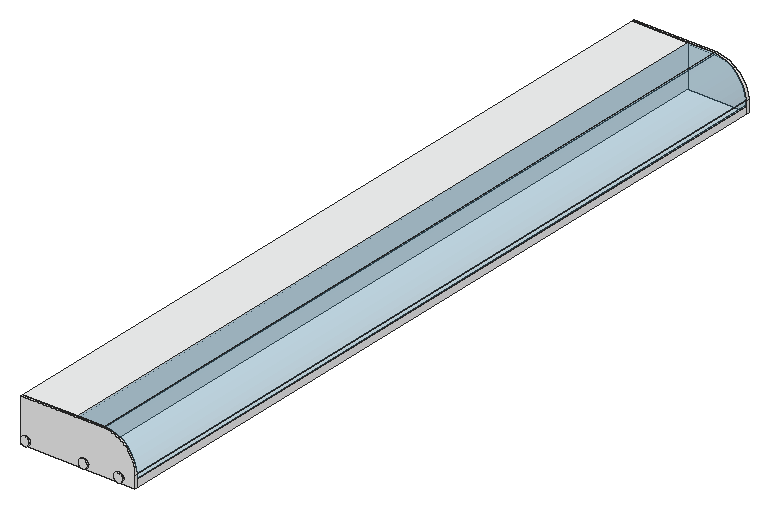
Revit family "ALS900T-4RF", category Lighting Fixtures, Revit 2017
Family settings
  Round Connector Dimension = Use Diameter
  Part Type = Normal
  OmniClass Number = 23.80.70.00
  OmniClass Title = Lighting
  Work Plane-Based = No
  Always vertical = Yes
  Cut with Voids When Loaded = No
  Light Source = Yes
  Shared = No
  Room Calculation Point = No
Parameters (values of type "ALS900T")
  Wattage = 9.2903 W
  built-in parameter 1150110 = 1 (stored number, unit not read)
  built-in parameter 1114217 = 1 (stored number, unit not read)
  Tilt Angle = 60.00°
  built-in parameter 1150109 = 1 (stored number, unit not read)
  built-in parameter 1150134 = 3
  built-in parameter 1150113 = 1 (stored number, unit not read)
  Photometric Web File = "generic"
  built-in parameter 1150142 = (empty or 0)
  built-in parameter 1150105 = 109.82 (stored number, unit not read)
  Lumens = 1380 lm
  built-in parameter 1150115 = 1 (stored number, unit not read)
  built-in parameter 1150137 = (empty or 0)
  built-in parameter 1150139 = (empty or 0)
  Length = 24.00"
  built-in parameter 1150112 = 1 (stored number, unit not read)
  built-in parameter 1150114 = 1 (stored number, unit not read)
  built-in parameter 1150132 = (empty or 0)
  built-in parameter 1150102 = (empty or 0)
  built-in parameter 1150107 = 3200 (stored number, unit not read)
  built-in parameter 1150138 = (empty or 0)
  built-in parameter 1150106 = 1.0982 (stored number, unit not read)
  Fixture Cap = Fixture Cap
  Fixture = Fixture
  Emit from Line Length = Length  # 24.00"
  built-in parameter 1150104 = 13.8 (stored number, unit not read)
  Dimming Lamp Color Temperature Shift = <None>
  Color Filter = 16777215
  built-in parameter 1114218 = 1 (stored number, unit not read)
  built-in parameter 1150133 = 10 (stored number, unit not read)
Reference planes (in)
  plane 1 "Light Source Axis (F/B)": y = 0
  plane 2: z = 0
  plane 3 "Light Source Axis (L/R)": x = 0
  plane 4 "Light Source Elevation": z = 1.95
  plane 5: y = 12.06
  plane 6: y = -12.06
  plane 7: y = 12
  plane 8: y = -12
  plane 9: y = -12.09
  plane 10: y = 12.09
Forms (in)
  Extrusion 1, solid, material "Fixture Cap" <- "Fixture Cap"
    sketch origin (3.6, 0, 0) x (-1, 0, 0) y (0, 0, -1)
      loop
        line (0, 0) -> (0, -0.36829)
        arc (0, -0.36829) -> (0.30393, -1.06607) -> (1.00171, -1.37) r 1.04
        line (1.00171, -1.37) -> (3.6, -1.37) -> (3.6, 0) -> (0, 0)
    from 12 to 12.06
  Extrusion 2, solid, material "Fixture" <- "Fixture"
    sketch origin (3.6, 0, 0) x (-1, 0, 0) y (0, 0, -1)
      loop
        line (3.6, 0) -> (1.86, 0) -> (0, 0) -> (0, -0.21378) -> (0.04, -0.21378) -> (0.04, -0.06) -> (1.86, -0.06) -> (1.86, -1.37) -> (3.6, -1.37) -> (3.6, 0)
      loop
        line (1.92, -1.31) -> (3.54, -1.31) -> (3.54, -0.06) -> (1.92, -0.06) -> (1.92, -1.31)
    from -12 to 12
  Extrusion 3, solid, material "Glass"
    sketch origin (4.51674, 0, 0) x (-1, 0, 0) y (0, 0, -1)
      loop
        arc (0.91674, -0.36829) -> (1.22067, -1.06607) -> (1.91846, -1.37) r 1.04
        line (1.91846, -1.37) -> (2.77674, -1.37) -> (2.77674, -1.33) -> (1.91919, -1.33)
        arc (1.91919, -1.33) -> (1.24896, -1.03779) -> (0.95674, -0.36756) r 1
        line (0.95674, -0.36756) -> (0.95674, -0.21378) -> (0.91674, -0.21378) -> (0.91674, -0.36829)
    from -12 to 12
  Extrusion 4, solid, material "Fixture Cap" <- "Fixture Cap"
    sketch origin (3.6, 0, 0) x (-1, 0, 0) y (0, 0, 1)
      loop
        line (0, 0) -> (3.6, 0) -> (3.6, 1.37) -> (1.00171, 1.37)
        arc (1.00171, 1.37) -> (0.30393, 1.06607) -> (0, 0.36829) r 1.04
        line (0, 0.36829) -> (0, 0)
    from 12 to 12.06
  Extrusion 5, solid, material "Fixture Cap" <- "Fixture Cap"
    sketch origin (26.81634, -12.06, 47.42107) x (1, 0, 0) y (0, 0, -1)
      loop
        circle (-23.72983, 47.26954) r 0.14271
    from 0 to -0.03
  Extrusion 6, solid, material "Fixture Cap" <- "Fixture Cap"
    sketch origin (27.5996, -12.06, 47.41766) x (1, 0, 0) y (0, 0, -1)
      loop
        circle (-25.62051, 47.27213) r 0.14271
    from 0 to -0.03
  Extrusion 7, solid, material "Fixture Cap" <- "Fixture Cap"
    sketch origin (25.76745, -12.06, 47.41425) x (1, 0, 0) y (0, 0, -1)
      loop
        circle (-25.62051, 47.27213) r 0.14271
    from 0 to -0.03
  Extrusion 8, solid, material "Fixture Cap" <- "Fixture Cap"
    sketch origin (26.81634, 12.06, 47.42107) x (1, 0, 0) y (0, 0, 1)
      loop
        circle (-23.72983, -47.26954) r 0.14271
    from 0 to -0.03
  Extrusion 9, solid, material "Fixture Cap" <- "Fixture Cap"
    sketch origin (27.5996, 12.06, 47.41766) x (1, 0, 0) y (0, 0, 1)
      loop
        circle (-25.62051, -47.27213) r 0.14271
    from 0 to -0.03
  Extrusion 10, solid, material "Fixture Cap" <- "Fixture Cap"
    sketch origin (25.76745, 12.06, 47.41425) x (1, 0, 0) y (0, 0, 1)
      loop
        circle (-25.62051, -47.27213) r 0.14271
    from 0 to -0.03
Lines and regions (in)
  model lines
    curve 1: line (3.1923, -12.09, 0.17039) -> (3.10958, -12.09, 0.17763)
    curve 2: line (3.10958, -12.09, 0.17763) -> (3.11656, -12.09, 0.25736)
    curve 3: line (3.11656, -12.09, 0.25736) -> (3.07334, -12.09, 0.26114)
    curve 4: line (3.07334, -12.09, 0.26114) -> (3.06636, -12.09, 0.18141)
    curve 5: line (3.06636, -12.09, 0.18141) -> (2.99035, -12.09, 0.18806)
    curve 6: line (2.99035, -12.09, 0.18806) -> (2.98681, -12.09, 0.14758)
    curve 7: line (2.98681, -12.09, 0.14758) -> (3.06282, -12.09, 0.14093)
    curve 8: line (3.06282, -12.09, 0.14093) -> (3.05545, -12.09, 0.05666)
    curve 9: line (3.05545, -12.09, 0.05666) -> (3.09867, -12.09, 0.05288)
    curve 10: line (3.09867, -12.09, 0.05288) -> (3.10577, -12.09, 0.13409)
    curve 11: line (3.10577, -12.09, 0.13409) -> (3.18849, -12.09, 0.12685)
    curve 12: line (3.18849, -12.09, 0.12685) -> (3.1923, -12.09, 0.17039)
    curve 13: line (3.1923, -12.09, 0.17039) -> (3.10958, -12.09, 0.17763)
    curve 14: line (3.10958, -12.09, 0.17763) -> (3.11656, -12.09, 0.25736)
    curve 15: line (3.11656, -12.09, 0.25736) -> (3.07334, -12.09, 0.26114)
    curve 16: line (3.18849, -12.09, 0.12685) -> (3.1923, -12.09, 0.17039)
    curve 17: line (2.04533, -12.09, 0.23312) -> (1.98172, -12.09, 0.17975)
    curve 18: line (1.98172, -12.09, 0.17975) -> (1.93028, -12.09, 0.24107)
    curve 19: line (1.93028, -12.09, 0.24107) -> (1.89704, -12.09, 0.21318)
    curve 20: line (1.89704, -12.09, 0.21318) -> (1.94849, -12.09, 0.15187)
    curve 21: line (1.94849, -12.09, 0.15187) -> (1.89004, -12.09, 0.10282)
    curve 22: line (1.89004, -12.09, 0.10282) -> (1.91616, -12.09, 0.0717)
    curve 23: line (1.91616, -12.09, 0.0717) -> (1.9746, -12.09, 0.12074)
    curve 24: line (1.9746, -12.09, 0.12074) -> (2.02898, -12.09, 0.05594)
    curve 25: line (2.02898, -12.09, 0.05594) -> (2.06222, -12.09, 0.08383)
    curve 26: line (2.06222, -12.09, 0.08383) -> (2.00982, -12.09, 0.14627)
    curve 27: line (2.00982, -12.09, 0.14627) -> (2.07342, -12.09, 0.19964)
    curve 28: line (2.07342, -12.09, 0.19964) -> (2.04533, -12.09, 0.23312)
    curve 29: line (2.04533, -12.09, 0.23312) -> (1.98172, -12.09, 0.17975)
    curve 30: line (1.98172, -12.09, 0.17975) -> (1.93028, -12.09, 0.24107)
    curve 31: line (1.93028, -12.09, 0.24107) -> (1.89704, -12.09, 0.21318)
    curve 32: line (2.07342, -12.09, 0.19964) -> (2.04533, -12.09, 0.23312)
    curve 33: line (0.21317, -12.09, 0.22972) -> (0.14957, -12.09, 0.17635)
    curve 34: line (0.14245, -12.09, 0.11734) -> (0.19682, -12.09, 0.05253)
    curve 35: line (0.19682, -12.09, 0.05253) -> (0.23006, -12.09, 0.08042)
    curve 36: line (0.23006, -12.09, 0.08042) -> (0.17766, -12.09, 0.14287)
    curve 37: line (0.17766, -12.09, 0.14287) -> (0.24126, -12.09, 0.19624)
    curve 38: line (0.24126, -12.09, 0.19624) -> (0.21317, -12.09, 0.22972)
    curve 39: line (0.21317, -12.09, 0.22972) -> (0.14957, -12.09, 0.17635)
    curve 40: line (0.24126, -12.09, 0.19624) -> (0.21317, -12.09, 0.22972)
    curve 41: line (3.1923, 12.09, 0.17039) -> (3.10958, 12.09, 0.17763)
    curve 42: line (3.10958, 12.09, 0.17763) -> (3.11656, 12.09, 0.25736)
    curve 43: line (3.11656, 12.09, 0.25736) -> (3.07334, 12.09, 0.26114)
    curve 44: line (3.07334, 12.09, 0.26114) -> (3.06636, 12.09, 0.18141)
    curve 45: line (3.06636, 12.09, 0.18141) -> (2.99035, 12.09, 0.18806)
    curve 46: line (2.99035, 12.09, 0.18806) -> (2.98681, 12.09, 0.14758)
    curve 47: line (2.98681, 12.09, 0.14758) -> (3.06282, 12.09, 0.14093)
    curve 48: line (3.06282, 12.09, 0.14093) -> (3.05545, 12.09, 0.05666)
    curve 49: line (3.05545, 12.09, 0.05666) -> (3.09867, 12.09, 0.05288)
    curve 50: line (3.09867, 12.09, 0.05288) -> (3.10577, 12.09, 0.13409)
    curve 51: line (3.10577, 12.09, 0.13409) -> (3.18849, 12.09, 0.12685)
    curve 52: line (3.18849, 12.09, 0.12685) -> (3.1923, 12.09, 0.17039)
    curve 53: line (3.1923, 12.09, 0.17039) -> (3.10958, 12.09, 0.17763)
    curve 54: line (3.10958, 12.09, 0.17763) -> (3.11656, 12.09, 0.25736)
    curve 55: line (3.11656, 12.09, 0.25736) -> (3.07334, 12.09, 0.26114)
    curve 56: line (3.18849, 12.09, 0.12685) -> (3.1923, 12.09, 0.17039)
    curve 57: line (2.04533, 12.09, 0.23312) -> (1.98172, 12.09, 0.17975)
    curve 58: line (1.98172, 12.09, 0.17975) -> (1.93028, 12.09, 0.24107)
    curve 59: line (1.93028, 12.09, 0.24107) -> (1.89704, 12.09, 0.21318)
    curve 60: line (1.89704, 12.09, 0.21318) -> (1.94849, 12.09, 0.15187)
    curve 61: line (1.94849, 12.09, 0.15187) -> (1.89004, 12.09, 0.10282)
    curve 62: line (1.89004, 12.09, 0.10282) -> (1.91616, 12.09, 0.0717)
    curve 63: line (1.91616, 12.09, 0.0717) -> (1.9746, 12.09, 0.12074)
    curve 64: line (1.9746, 12.09, 0.12074) -> (2.02898, 12.09, 0.05594)
    curve 65: line (2.02898, 12.09, 0.05594) -> (2.06222, 12.09, 0.08383)
    curve 66: line (2.06222, 12.09, 0.08383) -> (2.00982, 12.09, 0.14627)
    curve 67: line (2.00982, 12.09, 0.14627) -> (2.07342, 12.09, 0.19964)
    curve 68: line (2.07342, 12.09, 0.19964) -> (2.04533, 12.09, 0.23312)
    curve 69: line (2.04533, 12.09, 0.23312) -> (1.98172, 12.09, 0.17975)
    curve 70: line (1.98172, 12.09, 0.17975) -> (1.93028, 12.09, 0.24107)
    curve 71: line (1.93028, 12.09, 0.24107) -> (1.89704, 12.09, 0.21318)
    curve 72: line (2.07342, 12.09, 0.19964) -> (2.04533, 12.09, 0.23312)
    curve 73: line (0.21317, 12.09, 0.22972) -> (0.14957, 12.09, 0.17635)
    curve 74: line (0.14245, 12.09, 0.11734) -> (0.19682, 12.09, 0.05253)
    curve 75: line (0.19682, 12.09, 0.05253) -> (0.23006, 12.09, 0.08042)
    curve 76: line (0.23006, 12.09, 0.08042) -> (0.17766, 12.09, 0.14287)
    curve 77: line (0.17766, 12.09, 0.14287) -> (0.24126, 12.09, 0.19624)
    curve 78: line (0.24126, 12.09, 0.19624) -> (0.21317, 12.09, 0.22972)
    curve 79: line (0.21317, 12.09, 0.22972) -> (0.14957, 12.09, 0.17635)
    curve 80: line (0.24126, 12.09, 0.19624) -> (0.21317, 12.09, 0.22972)
Dimensions and locks (in)
  locked: plane 5 to plane 7 at 0.06
  locked: plane 8 to plane 6 at 0.06
  "Length": plane 7 to plane 8
  equal spacing: plane 7, plane 1 "Light Source Axis (F/B)", plane 8
  Extrusion 4 to Extrusion 4 = 1.37"
  Extrusion 4 to Extrusion 4 = 3.60"
  locked: plane 10 to plane 5 at 0.03
  locked: plane 6 to plane 9 at 0.03
  aligned and locked: level to plane 2
  aligned and locked: Extrusion 6 to Extrusion 7
  aligned and locked: Extrusion 5 to Extrusion 6
  aligned and locked: Extrusion 9 to Extrusion 10
  aligned and locked: Extrusion 8 to Extrusion 9
  aligned and locked: Extrusion 10 to curve 71
  aligned and locked: Extrusion 9 to curve 46
  aligned and locked: plane 7 to Extrusion 2
  aligned and locked: plane 7 to Extrusion 3
  aligned and locked: Extrusion 2 to plane 8
  aligned and locked: Extrusion 3 to plane 8
  aligned and locked: plane 8 to Extrusion 1
  aligned and locked: Extrusion 1 to plane 6
  aligned and locked: Extrusion 7 to plane 9
  aligned and locked: Extrusion 6 to plane 9
  aligned and locked: Extrusion 5 to plane 9
  aligned and locked: plane 6 to Extrusion 5
  aligned and locked: plane 6 to Extrusion 7
  aligned and locked: plane 6 to Extrusion 6
  aligned and locked: Extrusion 4 to plane 7
  aligned and locked: plane 5 to Extrusion 4
  aligned and locked: Extrusion 10 to plane 5
  aligned and locked: plane 10 to Extrusion 10
  aligned and locked: Extrusion 9 to plane 5
  aligned and locked: Extrusion 8 to plane 5
  aligned and locked: plane 10 to Extrusion 8
  aligned and locked: plane 10 to Extrusion 9
Automatic sketch dimensions
  Extrusion 1 sketch curve to level = 0.00"
  Extrusion 1 sketch curve to plane 3 "Light Source Axis (L/R)" = 3.60"
  Extrusion 1 sketch curve to plane 4 "Light Source Elevation" = 0.58"
  Extrusion 1 sketch curve to Extrusion 1 sketch curve = 1.00171"
  Extrusion 1 sketch curve to level = 0.33068"
  Extrusion 1 sketch curve to Extrusion 1 sketch curve = 1.03932"
  Extrusion 1 sketch curve to Extrusion 1 sketch curve = 2.56068"
  Extrusion 2 sketch curve to level = 0.00"
  Extrusion 2 sketch curve to level = 0.21378"
  Extrusion 2 sketch curve to plane 3 "Light Source Axis (L/R)" = 3.60"
  Extrusion 2 sketch curve to Extrusion 2 sketch curve = 0.04"
  Extrusion 2 sketch curve to Extrusion 2 sketch curve = 1.82"
  Extrusion 2 sketch curve to plane 4 "Light Source Elevation" = 0.58"
  Extrusion 2 sketch curve to Extrusion 2 sketch curve = 0.00"
  Extrusion 2 sketch curve to Extrusion 2 sketch curve = 0.06"  (x2)
  Extrusion 2 sketch curve to plane 4 "Light Source Elevation" = 0.64"
  Extrusion 2 sketch curve to Extrusion 2 sketch curve = 1.62"
  Extrusion 2 sketch curve to level = 0.06"  (x2)
  Extrusion 3 sketch curve to Extrusion 3 sketch curve = 0.00"  (x2)
  Extrusion 3 sketch curve to level = 0.36829"
  Extrusion 3 sketch curve to plane 3 "Light Source Axis (L/R)" = 3.60"
  Extrusion 3 sketch curve to Extrusion 3 sketch curve = 0.04"
  Extrusion 3 sketch curve to plane 4 "Light Source Elevation" = 0.58"
  Extrusion 3 sketch curve to Extrusion 3 sketch curve = 0.96171"
  Extrusion 3 sketch curve to Extrusion 3 sketch curve = 0.00073"  (x2)
  Extrusion 3 sketch curve to level = 0.33068"
  Extrusion 3 sketch curve to Extrusion 3 sketch curve = 0.85756"
  Extrusion 3 sketch curve to Extrusion 3 sketch curve = 0.15451"
  Extrusion 4 sketch curve to level = 0.00"
  plane 3 "Light Source Axis (L/R)" to Extrusion 4 sketch curve = 3.60"
  plane 4 "Light Source Elevation" to Extrusion 4 sketch curve = 0.58"
  Extrusion 4 sketch curve to Extrusion 4 sketch curve = 1.00171"
  level to Extrusion 4 sketch curve = 0.33068"
  Extrusion 4 sketch curve to Extrusion 4 sketch curve = 1.03932"
  Extrusion 4 sketch curve to Extrusion 4 sketch curve = 2.56068"
  level to Extrusion 5 sketch curve = 0.15152"
  plane 3 "Light Source Axis (L/R)" to Extrusion 5 sketch curve = 3.08651"
  level to Extrusion 6 sketch curve = 0.14553"
  plane 3 "Light Source Axis (L/R)" to Extrusion 6 sketch curve = 1.97909"
  curve 6 to curve 6 = 0.00354"
  curve 6 to curve 8 = 0.06863"
  curve 6 to curve 7 = 0.07601"
  curve 7 to curve 5 = 0.00354"
  curve 4 to curve 15 = 0.00698"
  curve 8 to curve 10 = 0.04322"
  curve 7 to curve 11 = 0.04295"
  curve 4 to curve 2 = 0.04322"
  curve 3 to curve 3 = 0.04322"
  curve 10 to curve 12 = 0.08271"
  curve 3 to curve 3 = 0.00378"
  level to Extrusion 7 sketch curve = 0.14212"
  plane 3 "Light Source Axis (L/R)" to Extrusion 7 sketch curve = 0.14694"
  curve 33 to curve 39 = 0.06361"
  curve 34 to curve 36 = 0.03324"
  curve 37 to curve 22 = 1.64878"
  curve 21 to curve 31 = 0.007"
  curve 21 to curve 23 = 0.02612"
  curve 19 to curve 31 = 0.03324"
  curve 21 to curve 20 = 0.05845"
  curve 20 to curve 23 = 0.02612"
  curve 20 to curve 30 = 0.03324"
  curve 23 to curve 26 = 0.03521"
  curve 23 to curve 25 = 0.05438"
  curve 17 to curve 29 = 0.06361"
  curve 24 to curve 26 = 0.03324"
  curve 18 to curve 29 = 0.00794"
  level to Extrusion 8 sketch curve = 0.15152"
  plane 3 "Light Source Axis (L/R)" to Extrusion 8 sketch curve = 3.08651"
  level to Extrusion 9 sketch curve = 0.14553"
  plane 3 "Light Source Axis (L/R)" to Extrusion 9 sketch curve = 1.97909"
  curve 46 to curve 46 = 0.00354"
  curve 46 to curve 48 = 0.06863"
  curve 46 to curve 47 = 0.07601"
  curve 47 to curve 45 = 0.00354"
  curve 44 to curve 55 = 0.00698"
  curve 48 to curve 50 = 0.04322"
  curve 47 to curve 51 = 0.04295"
  curve 44 to curve 42 = 0.04322"
  curve 43 to curve 43 = 0.04322"
  curve 50 to curve 52 = 0.08271"
  curve 49 to curve 49 = 0.00378"
  level to Extrusion 10 sketch curve = 0.14212"
  plane 3 "Light Source Axis (L/R)" to Extrusion 10 sketch curve = 0.14694"
  curve 73 to curve 79 = 0.06361"
  curve 74 to curve 76 = 0.03324"
  curve 77 to curve 62 = 1.64878"
  curve 61 to curve 71 = 0.007"
  curve 61 to curve 63 = 0.02612"
  curve 59 to curve 71 = 0.03324"
  curve 61 to curve 60 = 0.05845"
  curve 60 to curve 63 = 0.02612"
  curve 60 to curve 70 = 0.03324"
  curve 63 to curve 66 = 0.03521"
  curve 63 to curve 65 = 0.05438"
  curve 57 to curve 69 = 0.06361"
  curve 64 to curve 66 = 0.03324"
  curve 74 to curve 65 = 0.00341"
  curve 64 to curve 63 = 0.01576"
  curve 34 to curve 33 = 0.00712"
  curve 34 to curve 36 = 0.03521"
  curve 34 to curve 34 = 0.05438"
  curve 33 to curve 38 = 0.02809"
  curve 33 to curve 21 = 0.1269"
  curve 33 to curve 40 = 0.03348"
  curve 74 to curve 73 = 0.00712"
  curve 74 to curve 76 = 0.03521"
  curve 74 to curve 74 = 0.05438"
  curve 73 to curve 78 = 0.02809"
  curve 74 to curve 76 = 0.02789"
  radius of Extrusion 5 sketch curve = 0.14271"
  radius of Extrusion 6 sketch curve = 0.14271"
  radius of Extrusion 7 sketch curve = 0.14271"
  radius of Extrusion 8 sketch curve = 0.14271"
  radius of Extrusion 9 sketch curve = 0.14271"
  radius of Extrusion 10 sketch curve = 0.14271"
